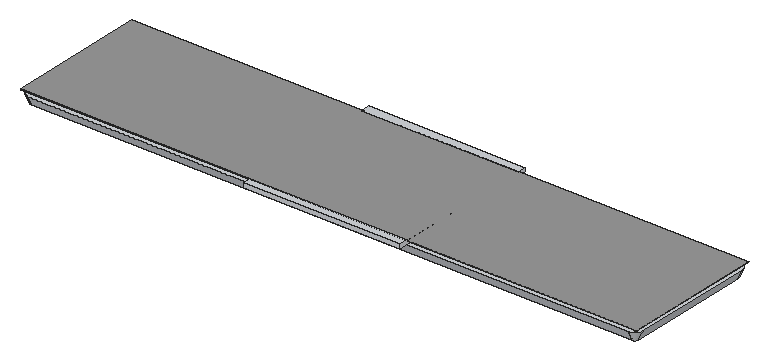
Revit family "44630", category Lighting Fixtures, host Face, Revit 2018
Family settings
  Host = Face
  Round Connector Dimension = Use Diameter
  Part Type = Normal
  OmniClass Number = 23.80.70.00
  OmniClass Title = Lighting
  Cut with Voids When Loaded = No
  Light Source = Yes
  Shared = No
  Room Calculation Point = No
Parameters (values of type "0044630 START PANEL UGR19 1200X300 3800 840")
  box length = 1160 mm
  Weight = "n/a"
  Wattage Comments = ""
  Wattage = 9.2903 W
  WarrantyStartDate [instance] = "n/a"
  WarrantyGuarantorParts = "n/a"
  WarrantyDurationUnit = "n/a"
  WarrantyDurationParts = ""
  WarrantyDescription = "http://www.sylvania-lighting.com"
  built-in parameter 1150110 = 1 (stored number, unit not read)
  Voltage = 0 V
  URL = "0.9"
  TypeName = "START Panel UGR19 1200x300 3800lm 840"
  Type Image = <None>
  Type Comments = "n/a"
  built-in parameter 1114217 = 1 (stored number, unit not read)
  Tilt Angle = -90.00°
  built-in parameter 1150109 = 1 (stored number, unit not read)
  built-in parameter 1150134 = 3
  built-in parameter 1150113 = 1 (stored number, unit not read)
  SerialNumber [instance] = "n/a"
  Photometric Web File = "0044630.IES"
  Material_3_SYL = none
  PowerFactor = 0
  PowerConsumption = "Lighting"
  NominalLength = 295 mm
  NominalHeight = 25 mm
  NominalDepth = 295 mm
  Name = "START Panel UGR19 1200x300 3800lm 840"
  ModelReference = Name  # "START Panel UGR19 1200x300 3800lm 840"
  ModelNumber = "0044630"
  Model = Name  # "START Panel UGR19 1200x300 3800lm 840"
  Material = "Feilo Sylvania"
  ManufacturerName = "131 lm/W"
  Manufacturer = ""
  LuminousEfficacy = ""
  built-in parameter 1150105 = 109.82 (stored number, unit not read)
  Lumens = 1380 lm
  LuminaireType = "0"
  built-in parameter 1150115 = 1 (stored number, unit not read)
  LightOutputRatio = "LED"
  built-in parameter 1150137 = (empty or 0)
  built-in parameter 1150139 = (empty or 0)
  LampsType = Lamp  # "n/a"
  LampNominalLuminous = "4000 K"
  LampMacAdamStep = "80"
  LampColourTemperature = "LED"
  LampColourRenderingIndex = "16500"
  built-in parameter 1150112 = 1 (stored number, unit not read)
  built-in parameter 1150114 = 1 (stored number, unit not read)
  Lamp = "n/a"
  Keynote = "n/a"
  InstallationDate [instance] = "n/a"
  InputVoltage = "0"
  InputNominalFrequency = "4000"
  built-in parameter 1150132 = (empty or 0)
  built-in parameter 1150102 = (empty or 0)
  built-in parameter 1150107 = 3200 (stored number, unit not read)
  built-in parameter 1150138 = (empty or 0)
  IngressProtection = "IfcLightFixtureType"
  ImpactProtectionIndex = "IfcLightFixtureType"
  built-in parameter 1150106 = 1.0982 (stored number, unit not read)
  IfcExportType = "IfcLightFixtureType"
  IfcExportAs = "Class II"
  Emit from Circle Diameter = 609.6 mm
  Emit Shape Visible in Rendering = no
  ElectricShockClassification = "131"
  built-in parameter 1150104 = 13.8 (stored number, unit not read)
  DocumentationLiterature = "http://www.sylvania-lighting.com/product/en-int/products/0044630"
  DimmingControlOptions = "n/a"
  Material_2_SYL = none
  Dimming Lamp Color Temperature Shift = <None>
  Description = "LED Panel with backlit technology, ideal for general indoor lighting applications such as breakout areas, offices and meeting rooms. Extruded aluminium frame, passive cooling. Low glaring UGR<19. RG0, 90 degree beam angle , optical system: PS diffuser with Prismatic finish. Light color temperature: 4000K Neutral White, total system power: 29W , total fixture output: 3800lm, efficacy: 131 lm/W, Ra80 typical, LED chromacity: 3 step MacAdam ellipse (SDCM3), lifespan: 100,000 hours at 70% of the original output (L70B50), IR/UV free light source without heat radiation, operating voltage: 220-240V / 50-60Hz, low flicker, non dimmable driver, electrical protection: Class II. Degree of Protection: IP40/IP20, suitable for indoor environment only. Nominal size: 1195x295mm, Loop in / loop out wiring, saftey cables & quick connector included, 26mm nominal height, White color frame, weight: 1,97Kg."
  Default Elevation = 1219.2 mm
  CreatedOn = "04/12/2023"
  CreatedBy = "@sylvania-lighting.com"
  Cost = 0
  Color Filter = 16777215
  built-in parameter 1114216 [instance] = (empty or 0)
  ClassificationValue = "EF_70_80"
  ClassificationName = "Uniclass2015"
  Material_1_SYL = none
  BarCode [instance] = "n/a"
  built-in parameter 1114218 = 1 (stored number, unit not read)
  built-in parameter 1150133 = 10 (stored number, unit not read)
  AssetType = "Fixed"
  AssetIdentifier [instance] = "n/a"
  Assembly Code = "D5020200"
  Apparent Load = 29 VA
  Material_4_SYL = none
Reference planes
  plane 1 "Center (Front/Back)": y = 0
  plane 2: z = 0
  plane 3 "Center (Left/Right)": x = 0
  plane 4: x = -147.5
  plane 5: x = 147.5
  plane 6: y = 147.5
  plane 7: y = -147.5
  plane 8: z = 1
  plane 9: x = -281.5
  plane 10: x = -273.482
  plane 11: x = 273.5
  plane 12: z = -17
  plane 13: z = 8
  plane 14: z = 8
  plane 15: x = 281.5
  plane 16: x = -267.5
  plane 17: x = 266.5
  plane 18: x = -581.5
  plane 19: x = 581.5
  plane 20: x = -566.5
  plane 21: x = 566.5
  plane 22: x = -573.5
  plane 23: x = 573.5
  plane 24: y = 131.5
  plane 25: y = -132.5
  plane 26: y = 123.5
  plane 27: y = 116.5
  plane 28: y = -124.5
  plane 29: y = -117.5
Forms (mm)
  Extrusion 1, solid, detail levels medium+fine
    sketch origin (0, 0, 0) x (1, 0, 0) y (0, 1, 0)
      loop
        line (-147.5, 147.5) -> (-147.5, -147.5) -> (147.5, -147.5) -> (147.5, 147.5) -> (-147.5, 147.5)
    from 0 to 8
  Extrusion 2, void
    sketch origin (0, 0, 0) x (1, 0, 0) y (0, 1, 0)
      loop
        line (-581.5, 131.5) -> (-581.5, -132.5) -> (581.5, -132.5) -> (581.5, 131.5) -> (-581.5, 131.5)
    from 8 to 6.494
  Extrusion 3, solid, material "Glass, White, High Luminance", detail levels fine
    sketch origin (0, 0, 0) x (1, 0, 0) y (0, 1, 0)
      loop
        line (-581.5, 131.5) -> (-581.5, -132.5) -> (581.5, -132.5) -> (581.5, 131.5) -> (-581.5, 131.5)
    from 8 to 6.494
  Extrusion 4, solid, detail levels coarse
    sketch origin (0, 0, 0) x (1, 0, 0) y (0, 0, 1)
      loop
        line (-147.5, 8) -> (-147.5, -17) -> (147.5, -17) -> (147.5, 8) -> (-147.5, 8)
    from -147.5 to 147.5
  Blend 5, solid
    base sketch origin (0, 0, 0) x (1, 0, 0) y (0, 1, 0)
      loop
        line (-581.5, 116.5) -> (-581.5, -117.5)
        arc (-581.5, -117.5) -> (-577.107, -128.107) -> (-566.5, -132.5) r 15
        line (-566.5, -132.5) -> (566.5, -132.5)
        arc (566.5, -132.5) -> (577.107, -128.107) -> (581.5, -117.5) r 15
        line (581.5, -117.5) -> (581.5, 116.5)
        arc (581.5, 116.5) -> (577.107, 127.107) -> (566.5, 131.5) r 15
        line (566.5, 131.5) -> (-566.5, 131.5)
        arc (-566.5, 131.5) -> (-577.107, 127.107) -> (-581.5, 116.5) r 15
    top sketch origin (0, 0, 0) x (1, 0, 0) y (0, 1, 0)
      loop
        line (-573.5, 116.5) -> (-573.5, -117.5)
        arc (-573.5, -117.5) -> (-571.45, -122.45) -> (-566.5, -124.5) r 7
        line (-566.5, -124.5) -> (566.5, -124.5)
        arc (566.5, -124.5) -> (571.45, -122.45) -> (573.5, -117.5) r 7
        line (573.5, -117.5) -> (573.5, 116.5)
        arc (573.5, 116.5) -> (571.45, 121.45) -> (566.5, 123.5) r 7
        line (566.5, 123.5) -> (-566.5, 123.5)
        arc (-566.5, 123.5) -> (-571.45, 121.45) -> (-573.5, 116.5) r 7
    from 0 to -17
Cuts and joins
  Extrusion 2 cuts Extrusion 1
Dimensions and locks
  "NominalLength": plane 4 to plane 5
  equal spacing: plane 4, plane 3 "Center (Left/Right)", plane 5
  "NominalDepth": plane 6 to plane 7
  equal spacing: plane 6, plane 1 "Center (Front/Back)", plane 7
  "NominalHeight": plane 12 to plane 13
  "NominalHeight": plane 14 to plane 12
  aligned and locked: plane 2 to host face
  aligned and locked: level to host face
Automatic sketch dimensions
  host sketch curve to host sketch curve = 2438.4 mm  (x2)
  Extrusion 1 sketch curve to plane 4 = 0 mm
  Extrusion 1 sketch curve to plane 5 = 0 mm
  Extrusion 1 sketch curve to plane 7 = 0 mm
  plane 6 to Extrusion 1 sketch curve = 0 mm
  Extrusion 2 sketch curve to plane 9 = 300 mm
  Extrusion 3 sketch curve to plane 9 = 300 mm
  plane 11 to Extrusion 2 sketch curve = 308 mm
  plane 11 to Extrusion 3 sketch curve = 308 mm
  Extrusion 4 sketch curve to plane 4 = 0 mm
  Extrusion 4 sketch curve to plane 5 = 0 mm
  Extrusion 4 sketch curve to plane 12 = 0 mm
  Extrusion 4 sketch curve to plane 13 = 0 mm
  Extrusion 2 sketch curve to plane 24 = 0 mm
  Extrusion 3 sketch curve to plane 24 = 0 mm
  Extrusion 2 sketch curve to plane 25 = 0 mm
  Extrusion 3 sketch curve to plane 25 = 0 mm
  Blend 5 sketch curve to plane 18 = 0 mm
  Blend 5 sketch curve to plane 20 = 0 mm
  Blend 5 sketch curve to plane 21 = 0 mm  (x3)
  Blend 5 sketch curve to plane 19 = 0 mm
  Blend 5 sketch curve to plane 25 = 0 mm
  Blend 5 sketch curve to plane 29 = 0 mm  (x2)
  Blend 5 sketch curve to plane 27 = 0 mm  (x4)
  Blend 5 sketch curve to plane 22 = 0 mm
  Blend 5 sketch curve to plane 23 = 0 mm
  Blend 5 sketch curve to plane 28 = 0 mm
Connectors
  electrical at (0, 0, 0)
    settings: on cut or joined group of Extrusion 1, Extrusion 2, index 1, voltage 0 V, apparent load 0 VA, apparent load phase1 0 VA, apparent load phase2 0 VA, apparent load phase3 0 VA, power factor 1, load classification "Other", number of poles 1, system type 31, power factor state 1, is connector primary yes, connector utility no, sub classification motor no, connector description ""
